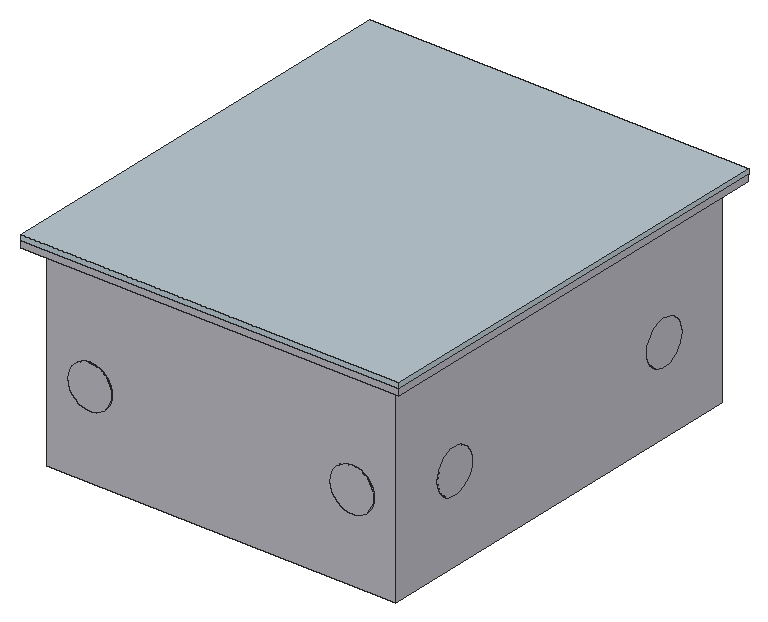
Revit family "Electrical_Equipment-Floor_Box-Hubbell_Wiring-8_Gang-Ball_Room-CFB8FC1", category Electrical Fixtures, host Face, Revit 2015
Parameters (values of type "CFB8FC1")
  URL = "http://www.hubbell-wiring.com/"
  Product data url = "https://bimobject.com/hubbellwiring/product/hubbell-cfb8fc1"
  Product Page URL = "http://ecatalog.hubbell-wiring.com/productinformation/viewcatalog.aspx?Dest=hubbell-wiring.com/press/catalog/O.pdf"
  Product Documentation Link = "http://www.hubbell-wiring.com/press/pdfs/WLBD002.pdf"
  Model = "CFB8FC1"
  Manufacturer = "Hubbell-Wiring"  # constant formula
  Keynote = ""
  Description = "Recessed Ballroom Series Floor Boxes 8 Gang, Carpet"
  Default Elevation = 0.00"
  Cover Type [instance] = Covers : CFB8JBC1
  Conduit Connector_9 Description = "Conduit 1.5in. 1.25in. or 1in. Connection"
  Conduit Connector_8 Description = "Conduit 1.5in. 1.25in. or 1in. Connection"
  Conduit Connector_7 Description = "Conduit 1.5in. 1.25in. or 1in. Connection"
  Conduit Connector_6 Description = "Conduit 1.5in. 1.25in. or 1in. Connection"
  Conduit Connector_5 Description = "Conduit 1.5in. 1.25in. or 1in. Connection"
  Conduit Connector_4 Description = "Conduit 1.5in. 1.25in. or 1in. Connection"
  Conduit Connector_3 Description = "Conduit 1.5in. 1.25in. or 1in. Connection"
  Conduit Connector_2 Description = "Conduit 1.5in. 1.25in. or 1in. Connection"
  Conduit Connector_12 Description = "Conduit 1.5in. 1.25in. or 1in. Connection"
  Conduit Connector_11 Description = "Conduit 1.5in. 1.25in. or 1in. Connection"
  Conduit Connector_10 Description = "Conduit 1.5in. 1.25in. or 1in. Connection"
  Conduit Connector_1 Description = "Conduit 1.5in. 1.25in. or 1in. Connection"
  Conduit Connector 1 Radius = 0.75"
  Box Material = Metal - Hubbell - Steel
  Assembly Code = "D5020115"
Reference planes (in)
  plane 1 "Center (Front/Back)": y = 0
  plane 2 "Reference level": z = 0
  plane 3 "Center (Left/Right)": x = 0
  plane 4: z = -6.95
  plane 5: y = -7.5
  plane 6: y = 7.5
  plane 7: x = -6.5
  plane 8: x = 6.5
  plane 9: x = -6
  plane 10: y = 7
  plane 11: y = -7
  plane 12: x = 6
  plane 13: z = -6.45
  plane 14: x = -4.5
  plane 15: x = 4.5
  plane 16: y = 4.5
  plane 17: y = -4.5
  plane 18: z = -4
  plane 19: x = -6.01
  plane 20: y = -7.01
  plane 21: x = 6.01
  plane 22: y = 7.01
  plane 23: z = -6.96
Forms (in)
  Extrusion 1, solid, material "Metal - Hubbell - Steel" <- "Box Material"
    sketch origin (0, 0, 0) x (1, 0, 0) y (0, 1, 0)
      loop
        line (-6, 7) -> (-6, -7) -> (6, -7) -> (6, 7) -> (-6, 7)
    from -6.95 to -6.45
  Extrusion 2, solid, material "Metal - Hubbell - Steel" <- "Box Material", detail levels medium+fine
    sketch origin (0, 0, 0) x (1, 0, 0) y (0, 0, 1)
      loop
        circle (-4.5, -4) r 0.75
      loop
        circle (4.5, -4) r 0.75
    from 7 to 7.01
  Extrusion 3, solid, material "Metal - Hubbell - Steel" <- "Box Material", detail levels medium+fine
    sketch origin (0, 0, 0) x (1, 0, 0) y (0, 0, -1)
      loop
        circle (-4.5, 4) r 0.75
      loop
        circle (4.5, 4) r 0.75
    from 7 to 7.01
  Extrusion 4, solid, material "Metal - Hubbell - Steel" <- "Box Material", detail levels medium+fine
    sketch origin (0, 0, 0) x (0, 1, 0) y (0, 0, 1)
      loop
        circle (4.5, -4) r 0.75
      loop
        circle (-4.5, -4) r 0.75
    from -6.01 to -6
  Extrusion 5, solid, material "Metal - Hubbell - Steel" <- "Box Material", detail levels medium+fine
    sketch origin (0, 0, 0) x (0, 1, 0) y (0, 0, -1)
      loop
        circle (4.5, 4) r 0.75
      loop
        circle (-4.5, 4) r 0.75
    from -6.01 to -6
  Extrusion 6, solid, material "Metal - Hubbell - Steel" <- "Box Material", detail levels medium+fine
    sketch origin (0, 0, 0) x (1, 0, 0) y (0, 1, 0)
      loop
        circle (-4.5, 4.5) r 0.75
      loop
        circle (4.5, 4.5) r 0.75
      loop
        circle (-4.5, -4.5) r 0.75
      loop
        circle (4.5, -4.5) r 0.75
    from -6.96 to -6.95
  Sweep 7, solid, material "Metal - Hubbell - Steel" <- "Box Material"
    path origin (0, 0, 0) x (1, 0, 0) y (0, 1, 0)
      loop
        line (-6.5, 7.5) -> (-6.5, -7.5) -> (6.5, -7.5) -> (6.5, 7.5) -> (-6.5, 7.5)
    profile origin (-6.5, 0, 0) x (1, 0, 0) y (0, 0, 1)
      loop
        line (0, -0.2) -> (0.5, -0.2) -> (0.5, -6.45) -> (0.75, -6.45) -> (0.75, 0) -> (0, 0) -> (0, -0.2)
  Extrusion 8, void
    sketch origin (0, 0, 0) x (1, 0, 0) y (0, 1, 0)
      loop
        line (-6.5, 7.5) -> (-6.5, -7.5) -> (6.5, -7.5) -> (6.5, 7.5) -> (-6.5, 7.5)
    from -6.96 to 0
Cuts and joins
  joined: Extrusion 1, Sweep 7
Lines and regions (in)
  symbolic lines
    curve 1: line (-6, 0, -6.95) -> (6, 0, -6.95)
    curve 2: line (0, -7, 0) -> (0, -7, -6.95)
    curve 3: line (0, -7, -6.95) -> (0, 7, -6.95)
    curve 4: line (0, 7, -6.95) -> (0, 7, 0)
    curve 5: line (6, 0, 0) -> (6, 0, -6.95)
    curve 6: line (-6, 0, 0) -> (-6, 0, -6.95)
    curve 7: line (-6.5, 7.5, 0) -> (6.5, 7.5, 0)
    curve 8: line (-6.5, -7.5, 0) -> (-6.5, 7.5, 0)
    curve 9: line (6.5, -7.5, 0) -> (-6.5, -7.5, 0)
    curve 10: line (6.5, 7.5, 0) -> (6.5, -7.5, 0)
Dimensions and locks (in)
  plane 4 to plane 2 "Reference level" = 6.95"
  equal spacing: plane 6, plane 1 "Center (Front/Back)", plane 5
  locked: plane 6 to plane 5 at 15
  equal spacing: plane 7, plane 3 "Center (Left/Right)", plane 8
  locked: plane 7 to plane 8 at 13
  equal spacing: plane 9, plane 3 "Center (Left/Right)", plane 12
  equal spacing: plane 10, plane 1 "Center (Front/Back)", plane 11
  locked: plane 6 to plane 10 at 0.5
  plane 12 to plane 8 = 0.50"
  equal spacing: plane 14, nested 1, plane 15
  locked: plane 14 to nested 1 at 4.5
  equal spacing: plane 16, plane 1 "Center (Front/Back)", plane 17
  locked: plane 16 to plane 1 "Center (Front/Back)" at 4.5
  plane 2 "Reference level" to plane 18 = 4.00"
  "Conduit Connector 1 Radius": radius of Extrusion 2 sketch curve  (x2)
  "Conduit Connector 1 Radius": radius of Extrusion 3 sketch curve  (x2)
  "Conduit Connector 1 Radius": radius of Extrusion 4 sketch curve  (x2)
  "Conduit Connector 1 Radius": radius of Extrusion 5 sketch curve  (x2)
  "Conduit Connector 1 Radius": radius of Extrusion 6 sketch curve  (x4)
  aligned and locked: host face to plane 2 "Reference level"
  aligned and locked: level to host face
  aligned and locked: Extrusion 1 to plane 4
  aligned and locked: plane 3 "Center (Left/Right)" to nested 1
  aligned and locked: plane 1 "Center (Front/Back)" to nested 1
  aligned and locked: curve 1 to plane 4
  aligned and locked: plane 18 to Extrusion 2 sketch curve  (x2)
  aligned and locked: plane 14 to Extrusion 2 sketch curve
  aligned and locked: plane 15 to Extrusion 2 sketch curve
  aligned and locked: Extrusion 2 to plane 20
  aligned and locked: plane 22 to Extrusion 3
  aligned and locked: plane 15 to Extrusion 3 sketch curve
  aligned and locked: plane 18 to Extrusion 3 sketch curve  (x2)
  aligned and locked: plane 14 to Extrusion 3 sketch curve
  aligned and locked: plane 16 to Extrusion 4 sketch curve
  aligned and locked: plane 17 to Extrusion 4 sketch curve
  aligned and locked: plane 18 to Extrusion 4 sketch curve  (x2)
  aligned and locked: Extrusion 4 to plane 19
  aligned and locked: plane 21 to Extrusion 5
  aligned and locked: plane 14 to Extrusion 6 sketch curve  (x2)
  aligned and locked: plane 16 to Extrusion 6 sketch curve  (x2)
  aligned and locked: plane 15 to Extrusion 6 sketch curve  (x2)
  aligned and locked: plane 17 to Extrusion 6 sketch curve  (x2)
  aligned and locked: Extrusion 6 to plane 23
  aligned and locked: plane 4 to Extrusion 6
  aligned and locked: Extrusion 1 sketch curve to plane 10
  aligned and locked: plane 9 to Extrusion 1 sketch curve
  aligned and locked: plane 11 to Extrusion 1 sketch curve
  aligned and locked: Extrusion 1 sketch curve to plane 12
  aligned and locked: Extrusion 5 to Extrusion 1
  aligned and locked: Extrusion 3 to Extrusion 1
  aligned and locked: Extrusion 4 to Extrusion 1
  aligned and locked: Extrusion 2 to Extrusion 1
  aligned and locked: Sweep 7 sketch curve to plane 6
  aligned and locked: Sweep 7 sketch curve to plane 7
  aligned and locked: Sweep 7 sketch curve to plane 5
  aligned and locked: Sweep 7 sketch curve to plane 8
  aligned and locked: Sweep 7 sketch curve to plane 13
  aligned and locked: plane 2 "Reference level" to Sweep 7 sketch curve
  aligned and locked: Sweep 7 sketch curve to plane 9
  aligned and locked: plane 13 to Extrusion 1
  aligned and locked: plane 11 to curve 2
  aligned and locked: curve 4 to plane 10
  aligned and locked: plane 4 to curve 3
  aligned and locked: curve 6 to plane 9
  aligned and locked: curve 5 to plane 12
  aligned and locked: plane 8 to Extrusion 8
  aligned and locked: Extrusion 8 to plane 5
  aligned and locked: Extrusion 8 to plane 7
  aligned and locked: plane 6 to Extrusion 8
  aligned and locked: Extrusion 8 to plane 23
  aligned and locked: plane 2 "Reference level" to Extrusion 8
  aligned and locked: plane 18 to Extrusion 5 sketch curve  (x2)
  aligned and locked: plane 16 to Extrusion 5 sketch curve
  aligned and locked: plane 17 to Extrusion 5 sketch curve
Automatic sketch dimensions
  host sketch curve to host sketch curve = 96.00"  (x2)
  profile plane to Sweep 7 sketch curve = 0.00"
  Sweep 7 sketch curve to level = 0.20"
  Sweep 7 sketch curve to Sweep 7 sketch curve = 0.25"
  curve 4 to level = 0.00"
  curve 2 to level = 0.00"
  plane 1 "Center (Front/Back)" to Extrusion 8 sketch curve = 7.50"
  Extrusion 8 sketch curve to plane 7 = 0.00"
  plane 7 to Extrusion 8 sketch curve = 13.00"
  plane 6 to Extrusion 8 sketch curve = 0.00"
  curve 6 to level = 0.00"
  curve 5 to level = 0.00"
  curve 9 to plane 5 = 0.00"
  curve 9 to plane 7 = 0.00"
  curve 9 to plane 8 = 0.00"
  curve 8 to plane 6 = 0.00"
Nested families (in)
  nested 1: "Covers" at (0, 0, 0), type <- "Cover Type", type "CFB8JBC1"
Connectors (in)
  cabletrayconduit at (-4.5, -7.01, -4), diameter 1.5, driven by "Conduit Connector_1 Description", driven by "Conduit Connector 1 Radius"
    settings: on Extrusion 2, index 1, connector width 12.00", connector height 12.00", connector angle 0.00°, system type 32, placement type 0, profile type 0, connector reference index -1, is primary connector yes, connector utility param no, connector description "Conduit 1.5in. 1.25in. or 1in. Connection"
  cabletrayconduit at (4.5, -7.01, -4), diameter 1.5, driven by "Conduit Connector_2 Description", driven by "Conduit Connector 1 Radius"
    settings: on Extrusion 2, index 2, connector width 12.00", connector height 12.00", connector angle 0.00°, system type 32, placement type 0, profile type 0, connector reference index -1, is primary connector no, connector utility param no, connector description "Conduit 1.5in. 1.25in. or 1in. Connection"
  cabletrayconduit at (6.01, -4.5, -4), diameter 1.5, driven by "Conduit Connector_3 Description", driven by "Conduit Connector 1 Radius"
    settings: on Extrusion 5, index 3, connector width 12.00", connector height 12.00", connector angle 0.00°, system type 32, placement type 0, profile type 0, connector reference index -1, is primary connector no, connector utility param no, connector description "Conduit 1.5in. 1.25in. or 1in. Connection"
  cabletrayconduit at (6.01, 4.5, -4), diameter 1.5, driven by "Conduit Connector_4 Description", driven by "Conduit Connector 1 Radius"
    settings: on Extrusion 5, index 4, connector width 12.00", connector height 12.00", connector angle 0.00°, system type 32, placement type 0, profile type 0, connector reference index -1, is primary connector no, connector utility param no, connector description "Conduit 1.5in. 1.25in. or 1in. Connection"
  cabletrayconduit at (4.5, 7.01, -4), diameter 1.5, driven by "Conduit Connector_5 Description", driven by "Conduit Connector 1 Radius"
    settings: on Extrusion 3, index 5, connector width 12.00", connector height 12.00", connector angle 0.00°, system type 32, placement type 0, profile type 0, connector reference index -1, is primary connector no, connector utility param no, connector description "Conduit 1.5in. 1.25in. or 1in. Connection"
  cabletrayconduit at (-4.5, 7.01, -4), diameter 1.5, driven by "Conduit Connector_6 Description", driven by "Conduit Connector 1 Radius"
    settings: on Extrusion 3, index 6, connector width 12.00", connector height 12.00", connector angle 0.00°, system type 32, placement type 0, profile type 0, connector reference index -1, is primary connector no, connector utility param no, connector description "Conduit 1.5in. 1.25in. or 1in. Connection"
  cabletrayconduit at (-6.01, 4.5, -4), diameter 1.5, driven by "Conduit Connector_7 Description", driven by "Conduit Connector 1 Radius"
    settings: on Extrusion 4, index 7, connector width 12.00", connector height 12.00", connector angle 0.00°, system type 32, placement type 0, profile type 0, connector reference index -1, is primary connector no, connector utility param no, connector description "Conduit 1.5in. 1.25in. or 1in. Connection"
  cabletrayconduit at (-6.01, -4.5, -4), diameter 1.5, driven by "Conduit Connector_8 Description", driven by "Conduit Connector 1 Radius"
    settings: on Extrusion 4, index 8, connector width 12.00", connector height 12.00", connector angle 0.00°, system type 32, placement type 0, profile type 0, connector reference index -1, is primary connector no, connector utility param no, connector description "Conduit 1.5in. 1.25in. or 1in. Connection"
  cabletrayconduit at (-4.5, -4.5, -6.96), diameter 1.5, driven by "Conduit Connector_9 Description", driven by "Conduit Connector 1 Radius"
    settings: on Extrusion 6, index 9, connector width 12.00", connector height 12.00", connector angle 0.00°, system type 32, placement type 0, profile type 0, connector reference index -1, is primary connector no, connector utility param no, connector description "Conduit 1.5in. 1.25in. or 1in. Connection"
  cabletrayconduit at (4.5, -4.5, -6.96), diameter 1.5, driven by "Conduit Connector_10 Description", driven by "Conduit Connector 1 Radius"
    settings: on Extrusion 6, index 10, connector width 12.00", connector height 12.00", connector angle 0.00°, system type 32, placement type 0, profile type 0, connector reference index -1, is primary connector no, connector utility param no, connector description "Conduit 1.5in. 1.25in. or 1in. Connection"
  cabletrayconduit at (4.5, 4.5, -6.96), diameter 1.5, driven by "Conduit Connector_11 Description", driven by "Conduit Connector 1 Radius"
    settings: on Extrusion 6, index 11, connector width 12.00", connector height 12.00", connector angle 0.00°, system type 32, placement type 0, profile type 0, connector reference index -1, is primary connector no, connector utility param no, connector description "Conduit 1.5in. 1.25in. or 1in. Connection"
  cabletrayconduit at (-4.5, 4.5, -6.96), diameter 1.5, driven by "Conduit Connector_12 Description", driven by "Conduit Connector 1 Radius"
    settings: on Extrusion 6, index 12, connector width 12.00", connector height 12.00", connector angle 0.00°, system type 32, placement type 0, profile type 0, connector reference index -1, is primary connector no, connector utility param no, connector description "Conduit 1.5in. 1.25in. or 1in. Connection"
Definition of nested family "Covers"
  Parameters
    URL = "http://www.hubbell-wiring.com/"
    Product Page URL = ""
    Product Documentation Link = ""
    Model = "CFB8JBC1"
    Manufacturer = "Hubbell-Wiring"  # constant formula
    Egress Doors = no
    Description = "Ball Room Floor Box Cover Aluminum"  # constant formula
    Default Elevation = 0.00"
    Cover Material = none
    Assembly Code = "D5020115"
  Reference planes (in)
    plane 1 "Center (Front/Back)": y = 0
    plane 2: z = 0
    plane 3 "Center (Left/Right)": x = 0
    plane 4: y = 7.5
    plane 5: y = -7.5
    plane 6: x = -6.5
    plane 7: x = 6.5
  Forms (in)
    Extrusion 1, solid
      sketch origin (0, 0, 0) x (1, 0, 0) y (0, 1, 0)
        loop
          line (-48, 48) -> (-48, -48) -> (48, -48) -> (48, 48) -> (-48, 48)
      from 0 to -12
    Extrusion 2, solid, material <- "Cover Material"
      sketch origin (13.10627, 8.55597, 0) x (1, 0, 0) y (0, 1, 0)
        loop
          line (-19.60627, -1.05597) -> (-19.60627, -16.05597) -> (-6.60627, -16.05597) -> (-6.60627, -1.05597) -> (-19.60627, -1.05597)
      from 0 to 0.2
  Lines and regions (in)
    symbolic lines
      curve 1: line (0, 7.5, 0.2) -> (0, -7.5, 0.2)
      curve 2: line (0, 7.5, 0) -> (0, 7.5, 0.2)
      curve 3: line (0, -7.5, 0) -> (0, 7.5, 0)
      curve 4: line (0, -7.5, 0.2) -> (0, -7.5, 0)
      curve 19: line (-6.5, 0, 0.2) -> (6.5, 0, 0.2)
      curve 20: line (-6.5, 0, 0) -> (-6.5, 0, 0.2)
      curve 21: line (6.5, 0, 0) -> (-6.5, 0, 0)
      curve 22: line (6.5, 0, 0.2) -> (6.5, 0, 0)
    model lines, visible <- "Egress Doors"
      curve 5: line (-6.5, 1, 0.2) -> (-5.5, 1, 0.2)
      curve 6: line (-6.5, -1, 0.2) -> (-5.5, -1, 0.2)
      curve 7: arc (-5.5, -1, 0.2) -> (-4.5, 0, 0.2) -> (-5.5, 1, 0.2) r 1
      curve 8: line (-5.91565, 0.5, 0.2) -> (-5.41565, 0.5, 0.2)
      curve 9: line (-5.91565, -0.5, 0.2) -> (-5.41565, -0.5, 0.2)
      curve 10: arc (-5.41565, -0.5, 0.2) -> (-4.91565, 0, 0.2) -> (-5.41565, 0.5, 0.2) r 0.5
      curve 11: line (-5.91565, 0.5, 0.2) -> (-5.91565, -0.5, 0.2)
      curve 12: line (6.5, 1, 0.2) -> (5.5, 1, 0.2)
      curve 13: line (6.5, -1, 0.2) -> (5.5, -1, 0.2)
      curve 14: arc (5.5, -1, 0.2) -> (4.5, 0, 0.2) -> (5.5, 1, 0.2) r 1
      curve 15: line (5.91565, 0.5, 0.2) -> (5.41565, 0.5, 0.2)
      curve 16: line (5.91565, -0.5, 0.2) -> (5.41565, -0.5, 0.2)
      curve 17: arc (5.41565, -0.5, 0.2) -> (4.91565, 0, 0.2) -> (5.41565, 0.5, 0.2) r 0.5
      curve 18: line (5.91565, 0.5, 0.2) -> (5.91565, -0.5, 0.2)
  Dimensions and locks (in)
    equal spacing: plane 4, plane 1 "Center (Front/Back)", plane 5
    plane 1 "Center (Front/Back)" to plane 4 = 7.50"
    equal spacing: plane 6, plane 3 "Center (Left/Right)", plane 7
    plane 6 to plane 3 "Center (Left/Right)" = 6.50"
    aligned and locked: plane 2 to Extrusion 1
    aligned and locked: level to Extrusion 1
    aligned and locked: plane 7 to Extrusion 2
    aligned and locked: plane 4 to Extrusion 2
    aligned and locked: Extrusion 2 to plane 6
    aligned and locked: Extrusion 2 to plane 5
    aligned and locked: curve 19 to Extrusion 2
    aligned and locked: curve 20 to Extrusion 2
    aligned and locked: curve 21 to Extrusion 2
    aligned and locked: curve 22 to Extrusion 2
  Automatic sketch dimensions
    Extrusion 1 sketch curve to Extrusion 1 sketch curve = 96.00"  (x2)
    Extrusion 2 sketch curve to plane 5 = 0.00"
    Extrusion 2 sketch curve to plane 6 = 0.00"
    Extrusion 2 sketch curve to plane 7 = 0.00"
    Extrusion 2 sketch curve to plane 4 = 0.00"
    curve 1 to plane 5 = 0.00"
    curve 3 to level = 0.00"
    curve 3 to plane 4 = 0.00"
    level to curve 2 = 0.20"
    Extrusion 2 to curve 6 = 0.00"
    Extrusion 2 to curve 5 = 0.00"
    curve 11 to Extrusion 2 = 0.58435"
    curve 7 to Extrusion 2 = 1.00"
    curve 10 to Extrusion 2 = 1.08435"
    curve 17 to Extrusion 2 = 1.08435"
    curve 17 to curve 14 = 0.08435"
    curve 17 to curve 16 = 0.50"
    curve 15 to curve 12 = 0.58435"
    curve 16 to curve 13 = 0.58435"
    curve 13 to Extrusion 2 = 6.50"
    curve 6 to Extrusion 2 = 6.50"
    curve 13 to curve 17 = 0.50"
    curve 6 to curve 9 = 0.50"
    curve 17 to curve 14 = 0.50"
    curve 9 to curve 7 = 0.50"
    curve 7 to curve 10 = 0.00"
    curve 17 to curve 14 = 0.00"
